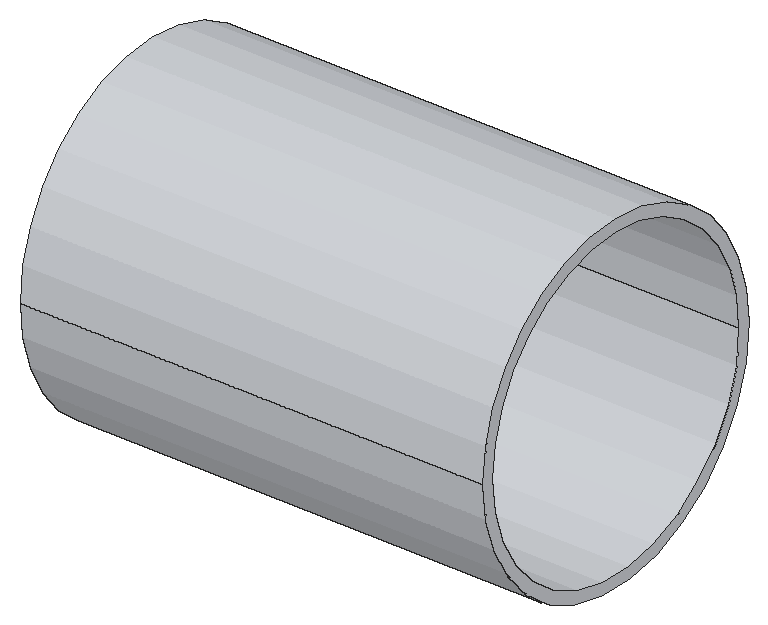
Revit family "轴力测点", category 常规模型, Revit 2016
Family settings
  零件类型 = 标准
  可将钢筋附着到主体 = 否
  圆形连接件大小 = 使用直径
  基于工作平面 = 否
  加载时剪切的空心 = 否
  共享 = 否
  房间计算点 = 否
Parameters
  built-in parameter 1001306 [instance] = 1200 mm
  直径 = 800 mm
  监测数据 [instance] = ""
  外径 = 直径 + 2 * 壁厚  # 860 mm
  壁厚 = 30 mm
Reference planes
  plane 1 "中心(前/后)": y = 0
  plane 2: z = 0
  plane 3 "左": x = 0
  plane 4 "右": x = 1200
Forms (mm)
  Extrusion 1, solid
    sketch origin (0, 0, 0) x (0, 1, 0) y (0, 0, 1)
      loop
        circle (0, 0) r 430
    from 0 to 1200
  Extrusion 2, void
    sketch origin (0, 0, 0) x (0, 1, 0) y (0, 0, 1)
      loop
        circle (0, 0) r 400
    from 0 to 1200
Cuts and joins
  Extrusion 2 cuts Extrusion 1
Lines and regions (mm)
  reference lines
    curve 1: line (0, 0, 0) -> (1200, 0, 0)
Dimensions and locks
  "built-in parameter 1001306": plane 3 "左" to plane 4 "右"
  "外径": diameter of Extrusion 1 sketch curve
  "直径": diameter of Extrusion 2 sketch curve
  aligned and locked: plane 4 "右" to curve 1
  aligned and locked: plane 1 "中心(前/后)" to curve 1
  aligned and locked: plane 3 "左" to curve 1
  aligned and locked: level to plane 2
  aligned and locked: Extrusion 1 to plane 4 "右"
  aligned and locked: Extrusion 1 to plane 3 "左"
  aligned and locked: cut or joined group of Extrusion 1, Extrusion 2 to plane 4 "右"
  aligned and locked: cut or joined group of Extrusion 1, Extrusion 2 to plane 3 "左"
Automatic sketch dimensions
  Extrusion 1 sketch curve to level = 0 mm
  Extrusion 1 sketch curve to plane 1 "中心(前/后)" = 0 mm
  Extrusion 2 sketch curve to level = 0 mm
  Extrusion 2 sketch curve to plane 1 "中心(前/后)" = 0 mm
